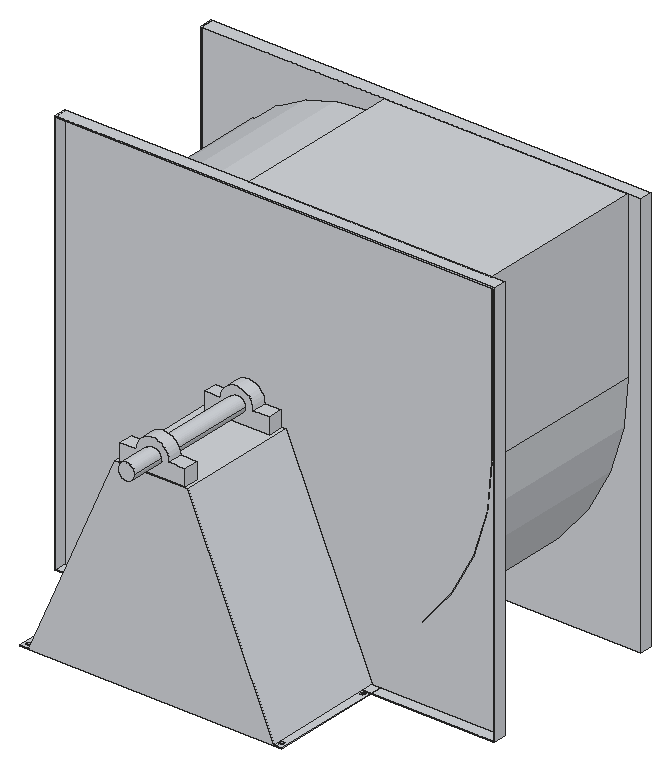
Revit family "CA-4_SWSI_ARR_1_CCW_UBD", category Mechanical Equipment, Revit 2019 (continued)
Types (55): name | S | R | P | O/2 | O | H | E | ARR_1_U-D | ARR_1_K-D | ARR_1_J/2 | ARR_1_J | MOTOR_RAD | M | L | K | J | INLET_RAD/2 | INLET_RAD+1.5" | INLET_RAD | INLET_DIA | F-E | F/5 | F | G | E-(INLET_RAD+1.5") | E+(INLET_RAD+1.5") | G-H | D-((D-B)/2) | D | B | ARR_2_L-ARR_2_K | ARR_2_L | ARR_2_K | ARR_1_V | ARR_1_U | ARR_1_N | ARR_1_M | ARR_1_K | ARR_1_H | ARR_1_G | A | 2ARR_1_J+1" | 2ARR_1_J | Model | -ARR_1_J | -(ARR_2_L - ARR_2_K) | -(((K-B)/2)-.125") | -(((D - B) / 2) - 1/8") | (R-B)/2 | ((K-B)/2)+B | (D-B)/2 | -(((K-B)/2)+L) | ((D-B)/2)-.125"
  540_CA-4_SWSI_ARR_1_CCW_UBD_CLASS_3 | 29" | 44 3/4" | 22 3/8" | 17/32" | 1 1/16" | 46 1/2" | 44 7/8" | 34 3/8" | 27" | 1 31/32" | 3 15/16" | 11 13/16" | 61 5/8" | 9 1/2" | 52 1/8" | 3" | 15" | 31 1/2" | 30" | 60" | 61 3/4" | 21.325" | 106 5/8" | 98 3/4" | 20 3/4" | 83 3/4" | 52 1/4" | 44 1/4" | 47 1/4" | 41 1/4" | 26 7/8" | 34 3/8" | 7 1/2" | 7 1/2" | 81 5/8" | 24 9/16" | 1 1/4" | 74 1/4" | 30 3/4" | 31 3/4" | 59 1/16" | 8 7/8" | 7 7/8" | "CA-4 SWSI ARR 1 CCW UBD CLASS 3" | -3 15/16" | -26 7/8" | -5 5/16" | -2 7/8" | 1 3/4" | 46 11/16" | 3" | -14 15/16" | 2 7/8"
  600_CA-4_SWSI_ARR_1_CCW_UBD_CLASS_2 | 32" | 49 5/16" | 24 21/32" | 17/32" | 1 1/16" | 51 5/8" | 49 3/4" | 34 3/8" | 27" | 1 23/32" | 3 7/16" | 10 5/16" | 66 11/16" | 10" | 56 11/16" | 3" | 16 1/2" | 34 1/2" | 33" | 66" | 68 1/4" | 23.6" | 118" | 109 5/8" | 23 1/2" | 92 1/2" | 58" | 48 13/16" | 51 13/16" | 45 13/16" | 26 7/8" | 34 3/8" | 7 1/2" | 7 1/2" | 86 3/16" | 24 9/16" | 1 1/4" | 78 13/16" | 33 3/4" | 34 3/4" | 65 5/8" | 7 7/8" | 6 7/8" | "CA-4 SWSI ARR 1 CCW UBD CLASS 2" | -3 7/16" | -26 7/8" | -5 5/16" | -2 7/8" | 1 3/4" | 51 1/4" | 3" | -15 7/16" | 2 7/8"
  600_CA-4_SWSI_ARR_1_CCW_UBD_CLASS_3 | 32" | 49 5/16" | 24 21/32" | 17/32" | 1 1/16" | 51 5/8" | 49 3/4" | 34 3/8" | 27" | 1 31/32" | 3 15/16" | 11 13/16" | 66 11/16" | 10" | 56 11/16" | 3" | 16 1/2" | 34 1/2" | 33" | 66" | 68 1/4" | 23.6" | 118" | 109 5/8" | 23 1/2" | 92 1/2" | 58" | 48 13/16" | 51 13/16" | 45 13/16" | 26 7/8" | 34 3/8" | 7 1/2" | 7 1/2" | 86 3/16" | 24 9/16" | 1 1/4" | 78 13/16" | 33 3/4" | 34 3/4" | 65 5/8" | 8 7/8" | 7 7/8" | "CA-4 SWSI ARR 1 CCW UBD CLASS 3" | -3 15/16" | -26 7/8" | -5 5/16" | -2 7/8" | 1 3/4" | 51 1/4" | 3" | -15 7/16" | 2 7/8"
